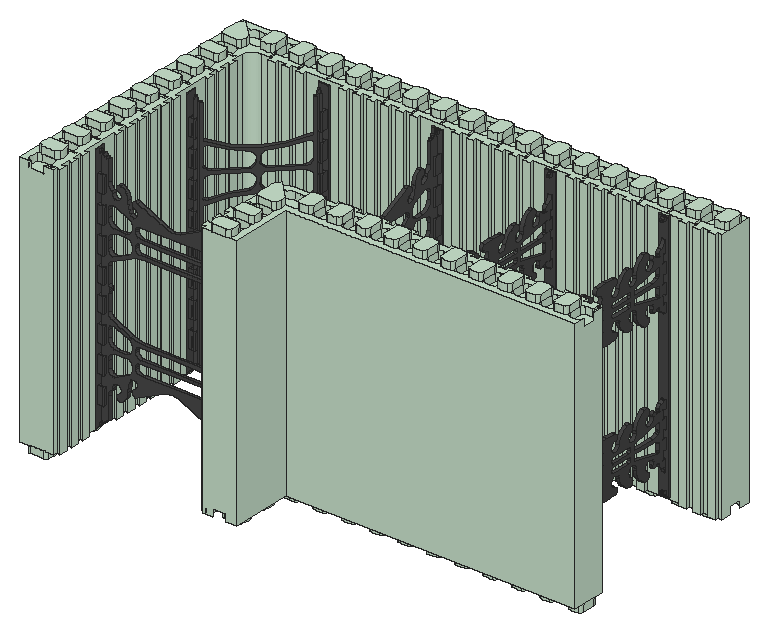
Revit family (continued)
Forms (in)
  Extrusion 50, void
    sketch origin (4, 2, 0) x (-1, 0, 0) y (0, -1, 0)
      loop
        arc (-1, -3.97692) -> (-1.04785, -3.82983) -> (-1.17308, -3.73905) r 0.25
        arc (-1.17308, -3.73905) -> (-1.42092, -3.69045) -> (-1.67323, -3.70172) r 1.0625
        arc (-1.67323, -3.70172) -> (-1.72385, -3.68771) -> (-1.74592, -3.64005) r 0.0625
        line (-1.74592, -3.64005) -> (-1.74592, -3.41845) -> (-1.91675, -3.41845) -> (-1.91675, -3.76455)
        arc (-1.91675, -3.76455) -> (-1.92106, -3.78736) -> (-1.9334, -3.80702) r 0.0625
        arc (-1.9334, -3.80702) -> (-1.98276, -3.88568) -> (-2, -3.97692) r 0.25
        line (-2, -3.97692) -> (-2, -4.89808)
        arc (-2, -4.89808) -> (-1.95215, -5.04517) -> (-1.82692, -5.13595) r 0.25
    from 0 to 0.5
  Extrusion 51, void
    sketch origin (6, 2, 0) x (-1, 0, 0) y (0, -1, 0)
      loop
        arc (-1.82692, -5.13595) -> (-1.5, -5.1875) -> (-1.17308, -5.13595) r 1.0625
        arc (-1.17308, -5.13595) -> (-1.04785, -5.04517) -> (-1, -4.89808) r 0.25
        line (-1, -4.89808) -> (-1, -3.97692)
        arc (-1, -3.97692) -> (-1.04785, -3.82983) -> (-1.17308, -3.73905) r 0.25
        arc (-1.17308, -3.73905) -> (-1.42092, -3.69045) -> (-1.67323, -3.70172) r 1.0625
        arc (-1.67323, -3.70172) -> (-1.72385, -3.68771) -> (-1.74592, -3.64005) r 0.0625
        line (-1.74592, -3.64005) -> (-1.74592, -3.41845) -> (-1.91675, -3.41845) -> (-1.91675, -3.76455)
        arc (-1.91675, -3.76455) -> (-1.92106, -3.78736) -> (-1.9334, -3.80702) r 0.0625
        arc (-1.9334, -3.80702) -> (-1.98276, -3.88568) -> (-2, -3.97692) r 0.25
        line (-2, -3.97692) -> (-2, -4.89808)
        arc (-2, -4.89808) -> (-1.95215, -5.04517) -> (-1.82692, -5.13595) r 0.25
    from 0 to 0.5
  Extrusion 52, void
    sketch origin (8, 2, 0) x (-1, 0, 0) y (0, -1, 0)
      loop
        arc (-1.82692, -5.13595) -> (-1.5, -5.1875) -> (-1.17308, -5.13595) r 1.0625
        arc (-1.17308, -5.13595) -> (-1.04785, -5.04517) -> (-1, -4.89808) r 0.25
        line (-1, -4.89808) -> (-1, -3.97692)
        arc (-1, -3.97692) -> (-1.04785, -3.82983) -> (-1.17308, -3.73905) r 0.25
        arc (-1.17308, -3.73905) -> (-1.42092, -3.69045) -> (-1.67323, -3.70172) r 1.0625
        arc (-1.67323, -3.70172) -> (-1.72385, -3.68771) -> (-1.74592, -3.64005) r 0.0625
        line (-1.74592, -3.64005) -> (-1.74592, -3.41845) -> (-1.91675, -3.41845) -> (-1.91675, -3.76455)
        arc (-1.91675, -3.76455) -> (-1.92106, -3.78736) -> (-1.9334, -3.80702) r 0.0625
        arc (-1.9334, -3.80702) -> (-1.98276, -3.88568) -> (-2, -3.97692) r 0.25
        line (-2, -3.97692) -> (-2, -4.89808)
        arc (-2, -4.89808) -> (-1.95215, -5.04517) -> (-1.82692, -5.13595) r 0.25
    from 0 to 0.5
  Extrusion 53, void
    sketch origin (10, 2, 0) x (-1, 0, 0) y (0, -1, 0)
      loop
        arc (-1.82692, -5.13595) -> (-1.5, -5.1875) -> (-1.17308, -5.13595) r 1.0625
        arc (-1.17308, -5.13595) -> (-1.04785, -5.04517) -> (-1, -4.89808) r 0.25
        line (-1, -4.89808) -> (-1, -3.97692)
        arc (-1, -3.97692) -> (-1.04785, -3.82983) -> (-1.17308, -3.73905) r 0.25
        arc (-1.17308, -3.73905) -> (-1.42092, -3.69045) -> (-1.67323, -3.70172) r 1.0625
        arc (-1.67323, -3.70172) -> (-1.72385, -3.68771) -> (-1.74592, -3.64005) r 0.0625
        line (-1.74592, -3.64005) -> (-1.74592, -3.41845) -> (-1.91675, -3.41845) -> (-1.91675, -3.76455)
        arc (-1.91675, -3.76455) -> (-1.92106, -3.78736) -> (-1.9334, -3.80702) r 0.0625
        arc (-1.9334, -3.80702) -> (-1.98276, -3.88568) -> (-2, -3.97692) r 0.25
        line (-2, -3.97692) -> (-2, -4.89808)
        arc (-2, -4.89808) -> (-1.95215, -5.04517) -> (-1.82692, -5.13595) r 0.25
    from 0 to 0.5
  Extrusion 54, void
    sketch origin (12, 2, 0) x (-1, 0, 0) y (0, -1, 0)
      loop
        arc (-1.82692, -5.13595) -> (-1.5, -5.1875) -> (-1.17308, -5.13595) r 1.0625
        arc (-1.17308, -5.13595) -> (-1.04785, -5.04517) -> (-1, -4.89808) r 0.25
        line (-1, -4.89808) -> (-1, -3.97692)
        arc (-1, -3.97692) -> (-1.04785, -3.82983) -> (-1.17308, -3.73905) r 0.25
        arc (-1.17308, -3.73905) -> (-1.42092, -3.69045) -> (-1.67323, -3.70172) r 1.0625
        arc (-1.67323, -3.70172) -> (-1.72385, -3.68771) -> (-1.74592, -3.64005) r 0.0625
        line (-1.74592, -3.64005) -> (-1.74592, -3.41845) -> (-1.91675, -3.41845) -> (-1.91675, -3.76455)
        arc (-1.91675, -3.76455) -> (-1.92106, -3.78736) -> (-1.9334, -3.80702) r 0.0625
        arc (-1.9334, -3.80702) -> (-1.98276, -3.88568) -> (-2, -3.97692) r 0.25
        line (-2, -3.97692) -> (-2, -4.89808)
        arc (-2, -4.89808) -> (-1.95215, -5.04517) -> (-1.82692, -5.13595) r 0.25
    from 0 to 0.5
  Extrusion 55, void
    sketch origin (14, 2, 0) x (-1, 0, 0) y (0, -1, 0)
      loop
        arc (-1.82692, -5.13595) -> (-1.5, -5.1875) -> (-1.17308, -5.13595) r 1.0625
        arc (-1.17308, -5.13595) -> (-1.04785, -5.04517) -> (-1, -4.89808) r 0.25
        line (-1, -4.89808) -> (-1, -3.97692)
        arc (-1, -3.97692) -> (-1.04785, -3.82983) -> (-1.17308, -3.73905) r 0.25
        arc (-1.17308, -3.73905) -> (-1.42092, -3.69045) -> (-1.67323, -3.70172) r 1.0625
        arc (-1.67323, -3.70172) -> (-1.72385, -3.68771) -> (-1.74592, -3.64005) r 0.0625
        line (-1.74592, -3.64005) -> (-1.74592, -3.41845) -> (-1.91675, -3.41845) -> (-1.91675, -3.76455)
        arc (-1.91675, -3.76455) -> (-1.92106, -3.78736) -> (-1.9334, -3.80702) r 0.0625
        arc (-1.9334, -3.80702) -> (-1.98276, -3.88568) -> (-2, -3.97692) r 0.25
        line (-2, -3.97692) -> (-2, -4.89808)
        arc (-2, -4.89808) -> (-1.95215, -5.04517) -> (-1.82692, -5.13595) r 0.25
    from 0 to 0.5
  Extrusion 56, void
    sketch origin (16, 2, 0) x (-1, 0, 0) y (0, -1, 0)
      loop
        arc (-1.82692, -5.13595) -> (-1.5, -5.1875) -> (-1.17308, -5.13595) r 1.0625
        arc (-1.17308, -5.13595) -> (-1.04785, -5.04517) -> (-1, -4.89808) r 0.25
        line (-1, -4.89808) -> (-1, -3.97692)
        arc (-1, -3.97692) -> (-1.04785, -3.82983) -> (-1.17308, -3.73905) r 0.25
        arc (-1.17308, -3.73905) -> (-1.42092, -3.69045) -> (-1.67323, -3.70172) r 1.0625
        arc (-1.67323, -3.70172) -> (-1.72385, -3.68771) -> (-1.74592, -3.64005) r 0.0625
        line (-1.74592, -3.64005) -> (-1.74592, -3.41845) -> (-1.91675, -3.41845) -> (-1.91675, -3.76455)
        arc (-1.91675, -3.76455) -> (-1.92106, -3.78736) -> (-1.9334, -3.80702) r 0.0625
        arc (-1.9334, -3.80702) -> (-1.98276, -3.88568) -> (-2, -3.97692) r 0.25
        line (-2, -3.97692) -> (-2, -4.89808)
        arc (-2, -4.89808) -> (-1.95215, -5.04517) -> (-1.82692, -5.13595) r 0.25
    from 0 to 0.5
  Extrusion 57, void
    sketch origin (18, 2, 0) x (-1, 0, 0) y (0, -1, 0)
      loop
        arc (-1.82692, -5.13595) -> (-1.5, -5.1875) -> (-1.17308, -5.13595) r 1.0625
        arc (-1.17308, -5.13595) -> (-1.04785, -5.04517) -> (-1, -4.89808) r 0.25
        line (-1, -4.89808) -> (-1, -3.97692)
        arc (-1, -3.97692) -> (-1.04785, -3.82983) -> (-1.17308, -3.73905) r 0.25
        arc (-1.17308, -3.73905) -> (-1.42092, -3.69045) -> (-1.67323, -3.70172) r 1.0625
        arc (-1.67323, -3.70172) -> (-1.72385, -3.68771) -> (-1.74592, -3.64005) r 0.0625
        line (-1.74592, -3.64005) -> (-1.74592, -3.41845) -> (-1.91675, -3.41845) -> (-1.91675, -3.76455)
        arc (-1.91675, -3.76455) -> (-1.92106, -3.78736) -> (-1.9334, -3.80702) r 0.0625
        arc (-1.9334, -3.80702) -> (-1.98276, -3.88568) -> (-2, -3.97692) r 0.25
        line (-2, -3.97692) -> (-2, -4.89808)
        arc (-2, -4.89808) -> (-1.95215, -5.04517) -> (-1.82692, -5.13595) r 0.25
    from 0 to 0.5
  Extrusion 58, void
    sketch origin (20, 2, 0) x (-1, 0, 0) y (0, -1, 0)
      loop
        arc (-1.82692, -5.13595) -> (-1.5, -5.1875) -> (-1.17308, -5.13595) r 1.0625
        arc (-1.17308, -5.13595) -> (-1.04785, -5.04517) -> (-1, -4.89808) r 0.25
        line (-1, -4.89808) -> (-1, -3.97692)
        arc (-1, -3.97692) -> (-1.04785, -3.82983) -> (-1.17308, -3.73905) r 0.25
        arc (-1.17308, -3.73905) -> (-1.42092, -3.69045) -> (-1.67323, -3.70172) r 1.0625
        arc (-1.67323, -3.70172) -> (-1.72385, -3.68771) -> (-1.74592, -3.64005) r 0.0625
        line (-1.74592, -3.64005) -> (-1.74592, -3.41845) -> (-1.91675, -3.41845) -> (-1.91675, -3.76455)
        arc (-1.91675, -3.76455) -> (-1.92106, -3.78736) -> (-1.9334, -3.80702) r 0.0625
        arc (-1.9334, -3.80702) -> (-1.98276, -3.88568) -> (-2, -3.97692) r 0.25
        line (-2, -3.97692) -> (-2, -4.89808)
        arc (-2, -4.89808) -> (-1.95215, -5.04517) -> (-1.82692, -5.13595) r 0.25
    from 0 to 0.5
  Extrusion 59, void
    sketch origin (22, 2, 0) x (-1, 0, 0) y (0, -1, 0)
      loop
        arc (-1.82692, -5.13595) -> (-1.5, -5.1875) -> (-1.17308, -5.13595) r 1.0625
        arc (-1.17308, -5.13595) -> (-1.04785, -5.04517) -> (-1, -4.89808) r 0.25
        line (-1, -4.89808) -> (-1, -3.97692)
        arc (-1, -3.97692) -> (-1.04785, -3.82983) -> (-1.17308, -3.73905) r 0.25
        arc (-1.17308, -3.73905) -> (-1.42092, -3.69045) -> (-1.67323, -3.70172) r 1.0625
        arc (-1.67323, -3.70172) -> (-1.72385, -3.68771) -> (-1.74592, -3.64005) r 0.0625
        line (-1.74592, -3.64005) -> (-1.74592, -3.41845) -> (-1.91675, -3.41845) -> (-1.91675, -3.76455)
        arc (-1.91675, -3.76455) -> (-1.92106, -3.78736) -> (-1.9334, -3.80702) r 0.0625
        arc (-1.9334, -3.80702) -> (-1.98276, -3.88568) -> (-2, -3.97692) r 0.25
        line (-2, -3.97692) -> (-2, -4.89808)
        arc (-2, -4.89808) -> (-1.95215, -5.04517) -> (-1.82692, -5.13595) r 0.25
    from 0 to 0.5
  Extrusion 60, void
    sketch origin (2, -20, 0) x (1, 0, 0) y (0, 1, 0)
      loop
        arc (3.97692, 9) -> (3.82983, 8.95215) -> (3.73905, 8.82692) r 0.25
        arc (3.73905, 8.82692) -> (3.69045, 8.57908) -> (3.70172, 8.32677) r 1.0625
        arc (3.70172, 8.32677) -> (3.68771, 8.27615) -> (3.64005, 8.25408) r 0.0625
        line (3.64005, 8.25408) -> (3.41845, 8.25408) -> (3.41845, 8.08325) -> (3.76455, 8.08325)
        arc (3.76455, 8.08325) -> (3.78736, 8.07894) -> (3.80702, 8.0666) r 0.0625
        arc (3.80702, 8.0666) -> (3.88568, 8.01724) -> (3.97692, 8) r 0.25
        line (3.97692, 8) -> (4.89808, 8)
        arc (4.89808, 8) -> (5.04517, 8.04785) -> (5.13595, 8.17308) r 0.25
        arc (5.13595, 8.17308) -> (5.1875, 8.5) -> (5.13595, 8.82692) r 1.0625
        arc (5.13595, 8.82692) -> (5.04517, 8.95215) -> (4.89808, 9) r 0.25
        line (4.89808, 9) -> (3.97692, 9)
    from 0 to 0.5
  Extrusion 61, void
    sketch origin (2, -18, 0) x (1, 0, 0) y (0, 1, 0)
      loop
        arc (3.97692, 9) -> (3.82983, 8.95215) -> (3.73905, 8.82692) r 0.25
        arc (3.73905, 8.82692) -> (3.69045, 8.57908) -> (3.70172, 8.32677) r 1.0625
        arc (3.70172, 8.32677) -> (3.68771, 8.27615) -> (3.64005, 8.25408) r 0.0625
        line (3.64005, 8.25408) -> (3.41845, 8.25408) -> (3.41845, 8.08325) -> (3.76455, 8.08325)
        arc (3.76455, 8.08325) -> (3.78736, 8.07894) -> (3.80702, 8.0666) r 0.0625
        arc (3.80702, 8.0666) -> (3.88568, 8.01724) -> (3.97692, 8) r 0.25
        line (3.97692, 8) -> (4.89808, 8)
        arc (4.89808, 8) -> (5.04517, 8.04785) -> (5.13595, 8.17308) r 0.25
        arc (5.13595, 8.17308) -> (5.1875, 8.5) -> (5.13595, 8.82692) r 1.0625
        arc (5.13595, 8.82692) -> (5.04517, 8.95215) -> (4.89808, 9) r 0.25
        line (4.89808, 9) -> (3.97692, 9)
    from 0 to 0.5
  Extrusion 62, void
    sketch origin (2, -2, 0) x (0, -1, 0) y (1, 0, 0)
      loop
        line (4.6875, 3.6875) -> (5.5, 3.6875)
        arc (5.5, 3.6875) -> (5.58691, 3.69106) -> (5.67323, 3.70172) r 1.0625
        arc (5.67323, 3.70172) -> (5.72385, 3.68771) -> (5.74592, 3.64005) r 0.0625
        line (5.74592, 3.64005) -> (5.74592, 3.41845) -> (5.91675, 3.41845) -> (5.91675, 3.76455)
        arc (5.91675, 3.76455) -> (5.92106, 3.78736) -> (5.9334, 3.80702) r 0.0625
        arc (5.9334, 3.80702) -> (5.98276, 3.88568) -> (6, 3.97692) r 0.25
        line (6, 3.97692) -> (6, 4.89808)
        arc (6, 4.89808) -> (5.95215, 5.04517) -> (5.82692, 5.13595) r 0.25
        arc (5.82692, 5.13595) -> (5.66548, 5.17453) -> (5.5, 5.1875) r 1.0625
        line (5.5, 5.1875) -> (5.1875, 5.1875) -> (3.98039, 3.98039)
        arc (3.98039, 3.98039) -> (4.30482, 3.76362) -> (4.6875, 3.6875) r 1
    from 0 to 0.5
  Extrusion 63, void
    sketch origin (16, -2, 0) x (-1, 0, 0) y (0, -1, 0)
      loop
        arc (7, 3.97692) -> (7.04785, 3.82983) -> (7.17308, 3.73905) r 0.25
        arc (7.17308, 3.73905) -> (7.42092, 3.69045) -> (7.67323, 3.70172) r 1.0625
        arc (7.67323, 3.70172) -> (7.72385, 3.68771) -> (7.74592, 3.64005) r 0.0625
        line (7.74592, 3.64005) -> (7.74592, 3.41845) -> (7.91675, 3.41845) -> (7.91675, 3.76455)
        arc (7.91675, 3.76455) -> (7.92106, 3.78736) -> (7.9334, 3.80702) r 0.0625
        arc (7.9334, 3.80702) -> (7.98276, 3.88568) -> (8, 3.97692) r 0.25
        line (8, 3.97692) -> (8, 4.89808)
        arc (8, 4.89808) -> (7.95215, 5.04517) -> (7.82692, 5.13595) r 0.25
        arc (7.82692, 5.13595) -> (7.5, 5.1875) -> (7.17308, 5.13595) r 1.0625
        arc (7.17308, 5.13595) -> (7.04785, 5.04517) -> (7, 4.89808) r 0.25
        line (7, 4.89808) -> (7, 3.97692)
    from 0 to 0.5
  Extrusion 64, void
    sketch origin (18, -2, 0) x (-1, 0, 0) y (0, -1, 0)
      loop
        arc (7, 3.97692) -> (7.04785, 3.82983) -> (7.17308, 3.73905) r 0.25
        arc (7.17308, 3.73905) -> (7.42092, 3.69045) -> (7.67323, 3.70172) r 1.0625
        arc (7.67323, 3.70172) -> (7.72385, 3.68771) -> (7.74592, 3.64005) r 0.0625
        line (7.74592, 3.64005) -> (7.74592, 3.41845) -> (7.91675, 3.41845) -> (7.91675, 3.76455)
        arc (7.91675, 3.76455) -> (7.92106, 3.78736) -> (7.9334, 3.80702) r 0.0625
        arc (7.9334, 3.80702) -> (7.98276, 3.88568) -> (8, 3.97692) r 0.25
        line (8, 3.97692) -> (8, 4.89808)
        arc (8, 4.89808) -> (7.95215, 5.04517) -> (7.82692, 5.13595) r 0.25
        arc (7.82692, 5.13595) -> (7.5, 5.1875) -> (7.17308, 5.13595) r 1.0625
        arc (7.17308, 5.13595) -> (7.04785, 5.04517) -> (7, 4.89808) r 0.25
        line (7, 4.89808) -> (7, 3.97692)
    from 0 to 0.5
  Extrusion 65, void
    sketch origin (20, -2, 0) x (-1, 0, 0) y (0, -1, 0)
      loop
        arc (7, 3.97692) -> (7.04785, 3.82983) -> (7.17308, 3.73905) r 0.25
        arc (7.17308, 3.73905) -> (7.42092, 3.69045) -> (7.67323, 3.70172) r 1.0625
        arc (7.67323, 3.70172) -> (7.72385, 3.68771) -> (7.74592, 3.64005) r 0.0625
        line (7.74592, 3.64005) -> (7.74592, 3.41845) -> (7.91675, 3.41845) -> (7.91675, 3.76455)
        arc (7.91675, 3.76455) -> (7.92106, 3.78736) -> (7.9334, 3.80702) r 0.0625
        arc (7.9334, 3.80702) -> (7.98276, 3.88568) -> (8, 3.97692) r 0.25
        line (8, 3.97692) -> (8, 4.89808)
        arc (8, 4.89808) -> (7.95215, 5.04517) -> (7.82692, 5.13595) r 0.25
        arc (7.82692, 5.13595) -> (7.5, 5.1875) -> (7.17308, 5.13595) r 1.0625
        arc (7.17308, 5.13595) -> (7.04785, 5.04517) -> (7, 4.89808) r 0.25
        line (7, 4.89808) -> (7, 3.97692)
    from 0 to 0.5
  Extrusion 66, void
    sketch origin (22, -2, 0) x (-1, 0, 0) y (0, -1, 0)
      loop
        arc (7, 3.97692) -> (7.04785, 3.82983) -> (7.17308, 3.73905) r 0.25
        arc (7.17308, 3.73905) -> (7.42092, 3.69045) -> (7.67323, 3.70172) r 1.0625
        arc (7.67323, 3.70172) -> (7.72385, 3.68771) -> (7.74592, 3.64005) r 0.0625
        line (7.74592, 3.64005) -> (7.74592, 3.41845) -> (7.91675, 3.41845) -> (7.91675, 3.76455)
        arc (7.91675, 3.76455) -> (7.92106, 3.78736) -> (7.9334, 3.80702) r 0.0625
        arc (7.9334, 3.80702) -> (7.98276, 3.88568) -> (8, 3.97692) r 0.25
        line (8, 3.97692) -> (8, 4.89808)
        arc (8, 4.89808) -> (7.95215, 5.04517) -> (7.82692, 5.13595) r 0.25
        arc (7.82692, 5.13595) -> (7.5, 5.1875) -> (7.17308, 5.13595) r 1.0625
        arc (7.17308, 5.13595) -> (7.04785, 5.04517) -> (7, 4.89808) r 0.25
        line (7, 4.89808) -> (7, 3.97692)
    from 0 to 0.5
  Extrusion 67, void
    sketch origin (24, -2, 0) x (-1, 0, 0) y (0, -1, 0)
      loop
        arc (7, 3.97692) -> (7.04785, 3.82983) -> (7.17308, 3.73905) r 0.25
        arc (7.17308, 3.73905) -> (7.42092, 3.69045) -> (7.67323, 3.70172) r 1.0625
        arc (7.67323, 3.70172) -> (7.72385, 3.68771) -> (7.74592, 3.64005) r 0.0625
        line (7.74592, 3.64005) -> (7.74592, 3.41845) -> (7.91675, 3.41845) -> (7.91675, 3.76455)
        arc (7.91675, 3.76455) -> (7.92106, 3.78736) -> (7.9334, 3.80702) r 0.0625
        arc (7.9334, 3.80702) -> (7.98276, 3.88568) -> (8, 3.97692) r 0.25
        line (8, 3.97692) -> (8, 4.89808)
        arc (8, 4.89808) -> (7.95215, 5.04517) -> (7.82692, 5.13595) r 0.25
        arc (7.82692, 5.13595) -> (7.5, 5.1875) -> (7.17308, 5.13595) r 1.0625
        arc (7.17308, 5.13595) -> (7.04785, 5.04517) -> (7, 4.89808) r 0.25
        line (7, 4.89808) -> (7, 3.97692)
    from 0 to 0.5
  Extrusion 68, void
    sketch origin (26, -2, 0) x (-1, 0, 0) y (0, -1, 0)
      loop
        arc (7, 3.97692) -> (7.04785, 3.82983) -> (7.17308, 3.73905) r 0.25
        arc (7.17308, 3.73905) -> (7.42092, 3.69045) -> (7.67323, 3.70172) r 1.0625
        arc (7.67323, 3.70172) -> (7.72385, 3.68771) -> (7.74592, 3.64005) r 0.0625
        line (7.74592, 3.64005) -> (7.74592, 3.41845) -> (7.91675, 3.41845) -> (7.91675, 3.76455)
        arc (7.91675, 3.76455) -> (7.92106, 3.78736) -> (7.9334, 3.80702) r 0.0625
        arc (7.9334, 3.80702) -> (7.98276, 3.88568) -> (8, 3.97692) r 0.25
        line (8, 3.97692) -> (8, 4.89808)
        arc (8, 4.89808) -> (7.95215, 5.04517) -> (7.82692, 5.13595) r 0.25
        arc (7.82692, 5.13595) -> (7.5, 5.1875) -> (7.17308, 5.13595) r 1.0625
        arc (7.17308, 5.13595) -> (7.04785, 5.04517) -> (7, 4.89808) r 0.25
        line (7, 4.89808) -> (7, 3.97692)
    from 0 to 0.5
  Extrusion 69, void
    sketch origin (28, -2, 0) x (-1, 0, 0) y (0, -1, 0)
      loop
        arc (7, 3.97692) -> (7.04785, 3.82983) -> (7.17308, 3.73905) r 0.25
        arc (7.17308, 3.73905) -> (7.42092, 3.69045) -> (7.67323, 3.70172) r 1.0625
        arc (7.67323, 3.70172) -> (7.72385, 3.68771) -> (7.74592, 3.64005) r 0.0625
        line (7.74592, 3.64005) -> (7.74592, 3.41845) -> (7.91675, 3.41845) -> (7.91675, 3.76455)
        arc (7.91675, 3.76455) -> (7.92106, 3.78736) -> (7.9334, 3.80702) r 0.0625
        arc (7.9334, 3.80702) -> (7.98276, 3.88568) -> (8, 3.97692) r 0.25
        line (8, 3.97692) -> (8, 4.89808)
        arc (8, 4.89808) -> (7.95215, 5.04517) -> (7.82692, 5.13595) r 0.25
        arc (7.82692, 5.13595) -> (7.5, 5.1875) -> (7.17308, 5.13595) r 1.0625
        arc (7.17308, 5.13595) -> (7.04785, 5.04517) -> (7, 4.89808) r 0.25
        line (7, 4.89808) -> (7, 3.97692)
    from 0 to 0.5
  Extrusion 70, void
    sketch origin (30, -2, 0) x (-1, 0, 0) y (0, -1, 0)
      loop
        arc (7, 3.97692) -> (7.04785, 3.82983) -> (7.17308, 3.73905) r 0.25
        arc (7.17308, 3.73905) -> (7.42092, 3.69045) -> (7.67323, 3.70172) r 1.0625
        arc (7.67323, 3.70172) -> (7.72385, 3.68771) -> (7.74592, 3.64005) r 0.0625
        line (7.74592, 3.64005) -> (7.74592, 3.41845) -> (7.91675, 3.41845) -> (7.91675, 3.76455)
        arc (7.91675, 3.76455) -> (7.92106, 3.78736) -> (7.9334, 3.80702) r 0.0625
        arc (7.9334, 3.80702) -> (7.98276, 3.88568) -> (8, 3.97692) r 0.25
        line (8, 3.97692) -> (8, 4.89808)
        arc (8, 4.89808) -> (7.95215, 5.04517) -> (7.82692, 5.13595) r 0.25
        arc (7.82692, 5.13595) -> (7.5, 5.1875) -> (7.17308, 5.13595) r 1.0625
        arc (7.17308, 5.13595) -> (7.04785, 5.04517) -> (7, 4.89808) r 0.25
        line (7, 4.89808) -> (7, 3.97692)
    from 0 to 0.5
  Extrusion 71, void
    sketch origin (32, -2, 0) x (-1, 0, 0) y (0, -1, 0)
      loop
        arc (7, 3.97692) -> (7.04785, 3.82983) -> (7.17308, 3.73905) r 0.25
        arc (7.17308, 3.73905) -> (7.42092, 3.69045) -> (7.67323, 3.70172) r 1.0625
        arc (7.67323, 3.70172) -> (7.72385, 3.68771) -> (7.74592, 3.64005) r 0.0625
        line (7.74592, 3.64005) -> (7.74592, 3.41845) -> (7.91675, 3.41845) -> (7.91675, 3.76455)
        arc (7.91675, 3.76455) -> (7.92106, 3.78736) -> (7.9334, 3.80702) r 0.0625
        arc (7.9334, 3.80702) -> (7.98276, 3.88568) -> (8, 3.97692) r 0.25
        line (8, 3.97692) -> (8, 4.89808)
        arc (8, 4.89808) -> (7.95215, 5.04517) -> (7.82692, 5.13595) r 0.25
        arc (7.82692, 5.13595) -> (7.5, 5.1875) -> (7.17308, 5.13595) r 1.0625
        arc (7.17308, 5.13595) -> (7.04785, 5.04517) -> (7, 4.89808) r 0.25
        line (7, 4.89808) -> (7, 3.97692)
    from 0 to 0.5
  Extrusion 72, void
    sketch origin (34, -2, 0) x (-1, 0, 0) y (0, -1, 0)
      loop
        arc (7, 3.97692) -> (7.04785, 3.82983) -> (7.17308, 3.73905) r 0.25
        arc (7.17308, 3.73905) -> (7.42092, 3.69045) -> (7.67323, 3.70172) r 1.0625
        arc (7.67323, 3.70172) -> (7.72385, 3.68771) -> (7.74592, 3.64005) r 0.0625
        line (7.74592, 3.64005) -> (7.74592, 3.41845) -> (7.91675, 3.41845) -> (7.91675, 3.76455)
        arc (7.91675, 3.76455) -> (7.92106, 3.78736) -> (7.9334, 3.80702) r 0.0625
        arc (7.9334, 3.80702) -> (7.98276, 3.88568) -> (8, 3.97692) r 0.25
        line (8, 3.97692) -> (8, 4.89808)
        arc (8, 4.89808) -> (7.95215, 5.04517) -> (7.82692, 5.13595) r 0.25
        arc (7.82692, 5.13595) -> (7.5, 5.1875) -> (7.17308, 5.13595) r 1.0625
        arc (7.17308, 5.13595) -> (7.04785, 5.04517) -> (7, 4.89808) r 0.25
        line (7, 4.89808) -> (7, 3.97692)
    from 0 to 0.5
  Extrusion 73, void
    sketch origin (-2, 2, 0) x (1, 0, 0) y (0, 1, 0)
      loop
        line (-3.6875, 3.6875) -> (-4.89461, 4.89461)
        arc (-4.89461, 4.89461) -> (-5.11138, 4.57018) -> (-5.1875, 4.1875) r 1
        line (-5.1875, 4.1875) -> (-5.1875, 3.5)
        arc (-5.1875, 3.5) -> (-5.17453, 3.33452) -> (-5.13595, 3.17308) r 1.0625
        arc (-5.13595, 3.17308) -> (-5.04517, 3.04785) -> (-4.89808, 3) r 0.25
        line (-4.89808, 3) -> (-3.97692, 3)
        arc (-3.97692, 3) -> (-3.82983, 3.04785) -> (-3.73905, 3.17308) r 0.25
        arc (-3.73905, 3.17308) -> (-3.70047, 3.33452) -> (-3.6875, 3.5) r 1.0625
        line (-3.6875, 3.5) -> (-3.6875, 3.6875)
    from 0 to 0.5
  Extrusion 74, solid, material "NUDURA Expanded Polystyrene Foam Insulation"
    sketch origin (2, -2, 0) x (1, 0, 0) y (0, 1, 0)
      loop
        line (5.1875, -5.1875) -> (5.5, -5.1875)
        arc (5.5, -5.1875) -> (5.66548, -5.17453) -> (5.82692, -5.13595) r 1.0625
        arc (5.82692, -5.13595) -> (5.95215, -5.04517) -> (6, -4.89808) r 0.25
        line (6, -4.89808) -> (6, -3.97692)
        arc (6, -3.97692) -> (5.98276, -3.88568) -> (5.9334, -3.80702) r 0.25
        arc (5.9334, -3.80702) -> (5.88453, -3.7662) -> (5.82692, -3.73905) r 0.25
        arc (5.82692, -3.73905) -> (5.75077, -3.71752) -> (5.67323, -3.70172) r 1.0625
        arc (5.67323, -3.70172) -> (5.58691, -3.69106) -> (5.5, -3.6875) r 1.0625
        line (5.5, -3.6875) -> (4.6875, -3.6875)
        arc (4.6875, -3.6875) -> (4.30482, -3.76362) -> (3.98039, -3.98039) r 1
        line (3.98039, -3.98039) -> (5.1875, -5.1875)
    from 0 to -0.5
  Extrusion 75, solid, material "NUDURA Expanded Polystyrene Foam Insulation"
    sketch origin (-2, 2, 0) x (1, 0, 0) y (0, 1, 0)
      loop
        arc (-4.1875, 5.1875) -> (-4.57018, 5.11138) -> (-4.89461, 4.89461) r 1
        line (-4.89461, 4.89461) -> (-3.6875, 3.6875) -> (-3.5, 3.6875)
        arc (-3.5, 3.6875) -> (-3.33452, 3.70047) -> (-3.17308, 3.73905) r 1.0625
        arc (-3.17308, 3.73905) -> (-3.04785, 3.82983) -> (-3, 3.97692) r 0.25
        line (-3, 3.97692) -> (-3, 4.89808)
        arc (-3, 4.89808) -> (-3.04785, 5.04517) -> (-3.17308, 5.13595) r 0.25
        arc (-3.17308, 5.13595) -> (-3.33452, 5.17453) -> (-3.5, 5.1875) r 1.0625
        line (-3.5, 5.1875) -> (-4.1875, 5.1875)
    from 0 to -0.5
  Extrusion 76, void
    sketch origin (-2, 0, 0) x (1, 0, 0) y (0, 1, 0)
      loop
        arc (-5.13595, -9.82692) -> (-5.04517, -9.95215) -> (-4.89808, -10) r 0.25
        line (-4.89808, -10) -> (-3.97692, -10)
        arc (-3.97692, -10) -> (-3.88568, -9.98276) -> (-3.80702, -9.9334) r 0.25
        arc (-3.80702, -9.9334) -> (-3.78736, -9.92106) -> (-3.76455, -9.91675) r 0.0625
        line (-3.76455, -9.91675) -> (-3.41845, -9.91675) -> (-3.41845, -9.74592) -> (-3.64005, -9.74592)
        arc (-3.64005, -9.74592) -> (-3.68771, -9.72385) -> (-3.70172, -9.67323) r 0.0625
        arc (-3.70172, -9.67323) -> (-3.69045, -9.42092) -> (-3.73905, -9.17308) r 1.0625
        arc (-3.73905, -9.17308) -> (-3.82983, -9.04785) -> (-3.97692, -9) r 0.25
        line (-3.97692, -9) -> (-4.89808, -9)
        arc (-4.89808, -9) -> (-5.04517, -9.04785) -> (-5.13595, -9.17308) r 0.25
        arc (-5.13595, -9.17308) -> (-5.1875, -9.5) -> (-5.13595, -9.82692) r 1.0625
    from 18 to 17.5
  Extrusion 77, void
    sketch origin (26, 2, 0) x (1, 0, 0) y (0, 1, 0)
      loop
        arc (-1.82692, 5.13595) -> (-1.95215, 5.04517) -> (-2, 4.89808) r 0.25
        line (-2, 4.89808) -> (-2, 3.97692)
        arc (-2, 3.97692) -> (-1.98276, 3.88568) -> (-1.9334, 3.80702) r 0.25
        arc (-1.9334, 3.80702) -> (-1.92106, 3.78736) -> (-1.91675, 3.76455) r 0.0625
        line (-1.91675, 3.76455) -> (-1.91675, 3.41845) -> (-1.74592, 3.41845) -> (-1.74592, 3.64005)
        arc (-1.74592, 3.64005) -> (-1.72385, 3.68771) -> (-1.67323, 3.70172) r 0.0625
        arc (-1.67323, 3.70172) -> (-1.42092, 3.69045) -> (-1.17308, 3.73905) r 1.0625
        arc (-1.17308, 3.73905) -> (-1.04785, 3.82983) -> (-1, 3.97692) r 0.25
        line (-1, 3.97692) -> (-1, 4.89808)
        arc (-1, 4.89808) -> (-1.04785, 5.04517) -> (-1.17308, 5.13595) r 0.25
        arc (-1.17308, 5.13595) -> (-1.5, 5.1875) -> (-1.82692, 5.13595) r 1.0625
    from 18 to 17.5
  Extrusion 78, void
    sketch origin (24, 2, 0) x (-1, 0, 0) y (0, -1, 0)
      loop
        arc (-1.82692, -5.13595) -> (-1.5, -5.1875) -> (-1.17308, -5.13595) r 1.0625
        arc (-1.17308, -5.13595) -> (-1.04785, -5.04517) -> (-1, -4.89808) r 0.25
        line (-1, -4.89808) -> (-1, -3.97692)
        arc (-1, -3.97692) -> (-1.04785, -3.82983) -> (-1.17308, -3.73905) r 0.25
        arc (-1.17308, -3.73905) -> (-1.42092, -3.69045) -> (-1.67323, -3.70172) r 1.0625
        arc (-1.67323, -3.70172) -> (-1.72385, -3.68771) -> (-1.74592, -3.64005) r 0.0625
        line (-1.74592, -3.64005) -> (-1.74592, -3.41845) -> (-1.91675, -3.41845) -> (-1.91675, -3.76455)
        arc (-1.91675, -3.76455) -> (-1.92106, -3.78736) -> (-1.9334, -3.80702) r 0.0625
        arc (-1.9334, -3.80702) -> (-1.98276, -3.88568) -> (-2, -3.97692) r 0.25
        line (-2, -3.97692) -> (-2, -4.89808)
        arc (-2, -4.89808) -> (-1.95215, -5.04517) -> (-1.82692, -5.13595) r 0.25
    from 0 to 0.5
  Extrusion 79, void
    sketch origin (-2, 3.40791, 0) x (1, 0, 0) y (0, 1, 0)
      loop
        arc (-5.13595, -11.58099) -> (-5.1875, -11.90791) -> (-5.13595, -12.23483) r 1.0625
        arc (-5.13595, -12.23483) -> (-5.04517, -12.36006) -> (-4.89808, -12.40791) r 0.25
        line (-4.89808, -12.40791) -> (-3.97692, -12.40791)
        arc (-3.97692, -12.40791) -> (-3.82983, -12.36006) -> (-3.73905, -12.23483) r 0.25
        arc (-3.73905, -12.23483) -> (-3.69045, -11.98699) -> (-3.70172, -11.73468) r 1.0625
        arc (-3.70172, -11.73468) -> (-3.68771, -11.68406) -> (-3.64005, -11.66199) r 0.0625
        line (-3.64005, -11.66199) -> (-3.41845, -11.66199) -> (-3.41845, -11.49116) -> (-3.76455, -11.49116)
        arc (-3.76455, -11.49116) -> (-3.78736, -11.48685) -> (-3.80702, -11.47451) r 0.0625
        arc (-3.80702, -11.47451) -> (-3.88568, -11.42516) -> (-3.97692, -11.40791) r 0.25
        line (-3.97692, -11.40791) -> (-4.89808, -11.40791)
        arc (-4.89808, -11.40791) -> (-5.04517, -11.45576) -> (-5.13595, -11.58099) r 0.25
    from 0 to 0.5
  Extrusion 80, void
    sketch origin (-2, -2, 0) x (1, 0, 0) y (0, 1, 0)
      loop
        arc (-5.13595, -9.82692) -> (-5.04517, -9.95215) -> (-4.89808, -10) r 0.25
        line (-4.89808, -10) -> (-3.97692, -10)
        arc (-3.97692, -10) -> (-3.88568, -9.98276) -> (-3.80702, -9.9334) r 0.25
        arc (-3.80702, -9.9334) -> (-3.78736, -9.92106) -> (-3.76455, -9.91675) r 0.0625
        line (-3.76455, -9.91675) -> (-3.41845, -9.91675) -> (-3.41845, -9.74592) -> (-3.64005, -9.74592)
        arc (-3.64005, -9.74592) -> (-3.68771, -9.72385) -> (-3.70172, -9.67323) r 0.0625
        arc (-3.70172, -9.67323) -> (-3.69045, -9.42092) -> (-3.73905, -9.17308) r 1.0625
        arc (-3.73905, -9.17308) -> (-3.82983, -9.04785) -> (-3.97692, -9) r 0.25
        line (-3.97692, -9) -> (-4.89808, -9)
        arc (-4.89808, -9) -> (-5.04517, -9.04785) -> (-5.13595, -9.17308) r 0.25
        arc (-5.13595, -9.17308) -> (-5.1875, -9.5) -> (-5.13595, -9.82692) r 1.0625
    from 18 to 17.5
  Extrusion 81, void
    sketch origin (-2, 1.40791, 0) x (1, 0, 0) y (0, 1, 0)
      loop
        arc (-5.13595, -11.58099) -> (-5.1875, -11.90791) -> (-5.13595, -12.23483) r 1.0625
        arc (-5.13595, -12.23483) -> (-5.04517, -12.36006) -> (-4.89808, -12.40791) r 0.25
        line (-4.89808, -12.40791) -> (-3.97692, -12.40791)
        arc (-3.97692, -12.40791) -> (-3.82983, -12.36006) -> (-3.73905, -12.23483) r 0.25
        arc (-3.73905, -12.23483) -> (-3.69045, -11.98699) -> (-3.70172, -11.73468) r 1.0625
        arc (-3.70172, -11.73468) -> (-3.68771, -11.68406) -> (-3.64005, -11.66199) r 0.0625
        line (-3.64005, -11.66199) -> (-3.41845, -11.66199) -> (-3.41845, -11.49116) -> (-3.76455, -11.49116)
        arc (-3.76455, -11.49116) -> (-3.78736, -11.48685) -> (-3.80702, -11.47451) r 0.0625
        arc (-3.80702, -11.47451) -> (-3.88568, -11.42516) -> (-3.97692, -11.40791) r 0.25
        line (-3.97692, -11.40791) -> (-4.89808, -11.40791)
        arc (-4.89808, -11.40791) -> (-5.04517, -11.45576) -> (-5.13595, -11.58099) r 0.25
    from 0 to 0.5
  Extrusion 82, void
    sketch origin (28, 2, 0) x (1, 0, 0) y (0, 1, 0)
      loop
        arc (-1.82692, 5.13595) -> (-1.95215, 5.04517) -> (-2, 4.89808) r 0.25
        line (-2, 4.89808) -> (-2, 3.97692)
        arc (-2, 3.97692) -> (-1.98276, 3.88568) -> (-1.9334, 3.80702) r 0.25
        arc (-1.9334, 3.80702) -> (-1.92106, 3.78736) -> (-1.91675, 3.76455) r 0.0625
        line (-1.91675, 3.76455) -> (-1.91675, 3.41845) -> (-1.74592, 3.41845) -> (-1.74592, 3.64005)
        arc (-1.74592, 3.64005) -> (-1.72385, 3.68771) -> (-1.67323, 3.70172) r 0.0625
        arc (-1.67323, 3.70172) -> (-1.42092, 3.69045) -> (-1.17308, 3.73905) r 1.0625
        arc (-1.17308, 3.73905) -> (-1.04785, 3.82983) -> (-1, 3.97692) r 0.25
        line (-1, 3.97692) -> (-1, 4.89808)
        arc (-1, 4.89808) -> (-1.04785, 5.04517) -> (-1.17308, 5.13595) r 0.25
        arc (-1.17308, 5.13595) -> (-1.5, 5.1875) -> (-1.82692, 5.13595) r 1.0625
    from 18 to 17.5
  Extrusion 83, void
    sketch origin (26, 2, 0) x (-1, 0, 0) y (0, -1, 0)
      loop
        arc (-1.82692, -5.13595) -> (-1.5, -5.1875) -> (-1.17308, -5.13595) r 1.0625
        arc (-1.17308, -5.13595) -> (-1.04785, -5.04517) -> (-1, -4.89808) r 0.25
        line (-1, -4.89808) -> (-1, -3.97692)
        arc (-1, -3.97692) -> (-1.04785, -3.82983) -> (-1.17308, -3.73905) r 0.25
        arc (-1.17308, -3.73905) -> (-1.42092, -3.69045) -> (-1.67323, -3.70172) r 1.0625
        arc (-1.67323, -3.70172) -> (-1.72385, -3.68771) -> (-1.74592, -3.64005) r 0.0625
        line (-1.74592, -3.64005) -> (-1.74592, -3.41845) -> (-1.91675, -3.41845) -> (-1.91675, -3.76455)
        arc (-1.91675, -3.76455) -> (-1.92106, -3.78736) -> (-1.9334, -3.80702) r 0.0625
        arc (-1.9334, -3.80702) -> (-1.98276, -3.88568) -> (-2, -3.97692) r 0.25
        line (-2, -3.97692) -> (-2, -4.89808)
        arc (-2, -4.89808) -> (-1.95215, -5.04517) -> (-1.82692, -5.13595) r 0.25
    from 0 to 0.5
Cuts and joins
  Extrusion 4, Extrusion 5, Extrusion 6, Extrusion 7, Extrusion 8, Extrusion 9, Extrusion 10, Extrusion 11, Extrusion 12, Extrusion 13, Extrusion 14, Extrusion 15, Extrusion 16, Extrusion 17, Extrusion 18, Extrusion 19, Extrusion 20, Extrusion 21, Extrusion 22, Extrusion 23, Extrusion 24, Extrusion 25, Extrusion 26, Extrusion 27, Extrusion 28, Extrusion 29, Extrusion 30, Extrusion 31, Extrusion 32, Extrusion 33, Extrusion 34, Extrusion 35, Extrusion 36, Extrusion 37, Extrusion 38, Extrusion 39, Extrusion 40, Extrusion 41, Extrusion 42, Extrusion 43, Extrusion 44, Extrusion 45, Extrusion 46, Extrusion 47, Extrusion 48, Extrusion 49, Extrusion 50, Extrusion 51, Extrusion 52, Extrusion 53, Extrusion 54, Extrusion 55, Extrusion 56, Extrusion 57, Extrusion 58, Extrusion 59, Extrusion 60, Extrusion 61, Extrusion 62, Extrusion 63, Extrusion 64, Extrusion 65, Extrusion 66, Extrusion 67, Extrusion 68, Extrusion 69, Extrusion 70, Extrusion 71, Extrusion 72, Extrusion 73, Extrusion 76, Extrusion 77, Extrusion 78, Extrusion 79, Extrusion 80, Extrusion 81, Extrusion 82, Extrusion 83 cuts Extrusion 1
  Extrusion 10, Extrusion 13 cuts Extrusion 3
  Extrusion 14 cuts Extrusion 2
Lines and regions (in)
  model lines
    curve 1: line (20.00256, 7.625, 18) -> (20.00256, 7.625, 0)
    curve 2: line (4, 7.625, 18) -> (4, 7.625, 0)
    curve 3: line (-7.625, 4, 18) -> (-7.625, 4, 0)
    curve 4: line (-6, 7.625, 0) -> (-6, 7.625, 18)
    curve 5: line (-7.625, 6, 18) -> (-7.625, 6, 0)
Dimensions and locks (in)
  locked: plane 4 to plane 5 at 10
  locked: plane 7 to plane 6 at 10
  locked: level to plane 10 at 18
  aligned and locked: plane 10 to Extrusion 1
  aligned and locked: nested 75 to cut or joined group 1 (Extrusion 1, Extrusion 4, Extrusion 5, Extrusion 6, Extrusion 7, Extrusion 8, Extrusion 9, Extrusion 10, Extrusion 11, Extrusion 12, Extrusion 13, Extrusion 14, Extrusion 15, Extrusion 16, Extrusion 17, Extrusion 18, Extrusion 19, Extrusion 20, Extrusion 21, Extrusion 22, Extrusion 23, Extrusion 24, Extrusion 25, Extrusion 26, Extrusion 27, Extrusion 28, Extrusion 29, Extrusion 30, Extrusion 31, Extrusion 32, Extrusion 33, Extrusion 34, Extrusion 35, Extrusion 36, Extrusion 37, Extrusion 38, Extrusion 39, Extrusion 40, Extrusion 41, Extrusion 42, Extrusion 43, Extrusion 44, Extrusion 45, Extrusion 46, Extrusion 47, Extrusion 48, Extrusion 49, Extrusion 50, Extrusion 51, Extrusion 52, Extrusion 53, Extrusion 54, Extrusion 55, Extrusion 56, Extrusion 57, Extrusion 58, Extrusion 59, Extrusion 60, Extrusion 61, Extrusion 62, Extrusion 63, Extrusion 64, Extrusion 65, Extrusion 66, Extrusion 67, Extrusion 68, Extrusion 69, Extrusion 70, Extrusion 71, Extrusion 72, Extrusion 73, Extrusion 76, Extrusion 77, Extrusion 78, Extrusion 79, Extrusion 80, Extrusion 81, Extrusion 82, Extrusion 83)
  aligned and locked: nested 81 to nested 75
  aligned and locked: cut or joined group 1 to nested 82
  aligned: nested 70 to cut or joined group 1
  aligned and locked: cut or joined group 1 to nested 90
  aligned and locked: nested 88 to cut or joined group 1
Nested families (in)
  nested 1: "Interlock Tooth" at (-2, -6, 0) x (0, -1, 0) z (0, 0, 1), type "Interlock Tooth"
  nested 2: "Interlock Tooth" at (-2, -4, 0) x (0, -1, 0) z (0, 0, 1), type "Interlock Tooth"
  nested 3: "Interlock Tooth" at (-2, -2, 0) x (0, -1, 0) z (0, 0, 1), type "Interlock Tooth"
  nested 4: "Interlock Tooth" at (-2, 0, 0) x (0, -1, 0) z (0, 0, 1), type "Interlock Tooth"
  nested 5: "Interlock Tooth" at (-2, 2, 0) x (0, -1, 0) z (0, 0, 1), type "Interlock Tooth"
  nested 6: "Interlock Tooth" at (-2, 4, 0) x (0, -1, 0) z (0, 0, 1), type "Interlock Tooth"
  nested 7: "Interlock Tooth" at (2, -11, 0) x (0, -1, 0) z (0, 0, 1), type "Interlock Tooth"
  nested 8: "Interlock Tooth" at (2, -9, 0) x (0, -1, 0) z (0, 0, 1), type "Interlock Tooth"
  nested 9: "Interlock Tooth" at (2, -10, -18.5) x (0, -1, 0) z (0, 0, 1), type "Interlock Tooth"
  nested 10: "Interlock Tooth" at (2, -8, -18.5) x (0, -1, 0) z (0, 0, 1), type "Interlock Tooth"
  nested 11: "Interlock Tooth" at (-10.875, -7, -18.5) x (0, -1, 0) z (0, 0, 1), type "Interlock Tooth"
  nested 12: "Interlock Tooth" at (-10.875, -5, -18.5) x (0, -1, 0) z (0, 0, 1), type "Interlock Tooth"
  nested 13: "Interlock Tooth" at (-10.875, -3, -18.5) x (0, -1, 0) z (0, 0, 1), type "Interlock Tooth"
  nested 14: "Interlock Tooth" at (-10.875, -1, -18.5) x (0, -1, 0) z (0, 0, 1), type "Interlock Tooth"
  nested 15: "Interlock Tooth" at (-10.875, 1, -18.5) x (0, -1, 0) z (0, 0, 1), type "Interlock Tooth"
  nested 16: "Interlock Tooth" at (-10.875, 3, -18.5) x (0, -1, 0) z (0, 0, 1), type "Interlock Tooth"
  nested 17: "Interlock Tooth" at (-10.875, 5, -18.5) x (0, -1, 0) z (0, 0, 1), type "Interlock Tooth"
  nested 18: "Interlock Tooth" at (8, -2, 0), type "Interlock Tooth"
  nested 19: "Interlock Tooth" at (10, -2, 0), type "Interlock Tooth"
  nested 20: "Interlock Tooth" at (12, -2, 0), type "Interlock Tooth"
  nested 21: "Interlock Tooth" at (14, -2, 0), type "Interlock Tooth"
  nested 22: "Interlock Tooth" at (16, -2, 0), type "Interlock Tooth"
  nested 23: "Interlock Tooth" at (18, -2, 0), type "Interlock Tooth"
  nested 24: "Interlock Tooth" at (20, -2, 0), type "Interlock Tooth"
  nested 25: "Interlock Tooth" at (22, -2, 0), type "Interlock Tooth"
  nested 26: "Interlock Tooth" at (24, -2, 0), type "Interlock Tooth"
  nested 27: "Interlock Tooth" at (26, -2, 0), type "Interlock Tooth"
  nested 28: "Interlock Tooth" at (-5, 2, 0), type "Interlock Tooth"
  nested 29: "Interlock Tooth" at (-3, 2, 0), type "Interlock Tooth"
  nested 30: "Interlock Tooth" at (-1, 2, 0), type "Interlock Tooth"
  nested 31: "Interlock Tooth" at (1, 2, 0), type "Interlock Tooth"
  nested 32: "Interlock Tooth" at (3, 2, 0), type "Interlock Tooth"
  nested 33: "Interlock Tooth" at (5, 2, 0), type "Interlock Tooth"
  nested 34: "Interlock Tooth" at (7, 2, 0), type "Interlock Tooth"
  nested 35: "Interlock Tooth" at (9, 2, 0), type "Interlock Tooth"
  nested 36: "Interlock Tooth" at (11, 2, 0), type "Interlock Tooth"
  nested 37: "Interlock Tooth" at (13, 2, 0), type "Interlock Tooth"
  nested 38: "Interlock Tooth" at (15, 2, 0), type "Interlock Tooth"
  nested 39: "Interlock Tooth" at (17, 2, 0), type "Interlock Tooth"
  nested 40: "Interlock Tooth" at (19, 2, 0), type "Interlock Tooth"
  nested 41: "Interlock Tooth" at (21, 2, 0), type "Interlock Tooth"
  nested 42: "Interlock Tooth" at (23, 2, 0), type "Interlock Tooth"
  nested 43: "Interlock Tooth" at (9, -10.875, -18.5), type "Interlock Tooth"
  nested 44: "Interlock Tooth" at (11, -10.875, -18.5), type "Interlock Tooth"
  nested 45: "Interlock Tooth" at (13, -10.875, -18.5), type "Interlock Tooth"
  nested 46: "Interlock Tooth" at (15, -10.875, -18.5), type "Interlock Tooth"
  nested 47: "Interlock Tooth" at (17, -10.875, -18.5), type "Interlock Tooth"
  nested 48: "Interlock Tooth" at (19, -10.875, -18.5), type "Interlock Tooth"
  nested 49: "Interlock Tooth" at (21, -10.875, -18.5), type "Interlock Tooth"
  nested 50: "Interlock Tooth" at (23, -10.875, -18.5), type "Interlock Tooth"
  nested 51: "Interlock Tooth" at (25, -10.875, -18.5), type "Interlock Tooth"
  nested 52: "Interlock Tooth" at (27, -10.875, -18.5), type "Interlock Tooth"
  nested 53: "Interlock Tooth" at (-4, 2, -18.5), type "Interlock Tooth"
  nested 54: "Interlock Tooth" at (-2, 2, -18.5), type "Interlock Tooth"
  nested 55: "Interlock Tooth" at (0, 2, -18.5), type "Interlock Tooth"
  nested 56: "Interlock Tooth" at (2, 2, -18.5), type "Interlock Tooth"
  nested 57: "Interlock Tooth" at (4, 2, -18.5), type "Interlock Tooth"
  nested 58: "Interlock Tooth" at (6, 2, -18.5), type "Interlock Tooth"
  nested 59: "Interlock Tooth" at (8, 2, -18.5), type "Interlock Tooth"
  nested 60: "Interlock Tooth" at (10, 2, -18.5), type "Interlock Tooth"
  nested 61: "Interlock Tooth" at (12, 2, -18.5), type "Interlock Tooth"
  nested 62: "Interlock Tooth" at (14, 2, -18.5), type "Interlock Tooth"
  nested 63: "Interlock Tooth" at (16, 2, -18.5), type "Interlock Tooth"
  nested 64: "Interlock Tooth" at (18, 2, -18.5), type "Interlock Tooth"
  nested 65: "Interlock Tooth" at (20, 2, -18.5), type "Interlock Tooth"
  nested 66: "Interlock Tooth" at (22, 2, -18.5), type "Interlock Tooth"
  nested 67: "NUDURA Diamond Pattern" at (20, -2, 0), type "NUDURA Diamond Pattern"
  nested 68: "NUDURA Diamond Pattern" at (20, 13.25, 0), type "NUDURA Diamond Pattern"
  nested 69: "NUDURA Diamond Pattern" at (4, 13.25, 0), type "NUDURA Diamond Pattern"
  nested 70: "Capture Lug" at (0, 2, 0) x (-1, 0, 0) z (0, 0, 1), type "Capture Lugs"
  nested 71: "Capture Lug" at (-2, 0, 0) x (0, -1, 0) z (0, 0, 1), type "Capture Lugs"
  nested 72: "NUDURA Diamond Pattern Missing Two lines" at (2, -12, 0) x (0, 1, 0) z (0, 0, 1), type "NUDURA Diamond Pattern minus Two lines"
  nested 73: "NUDURA Diamond Pattern Missing Left Line" at (4, -2, 0), type "NUDURA Diamond Pattern missing left line"
  nested 74: "NUDURA Logo Diamond" at (4.00256, -7.625, 0), type "NUDURA Logo Diamond"
  nested 75: "NUDURA Logo Diamond" at (-7.625, 3.99744, 0) x (0, -1, 0) z (0, 0, 1), type "NUDURA Logo Diamond"
  nested 76: "NUDURA Logo Diamond" at (28, 7.625, 0) x (-1, 0, 0) z (0, 0, 1), type "NUDURA Logo Diamond"
  nested 77: "Interlock Tooth" at (-2, -8, 0) x (0, -1, 0) z (0, 0, 1), type "Interlock Tooth"
  nested 78: "Interlock Tooth" at (25, 2, 0), type "Interlock Tooth"
  nested 79: "Interlock Tooth" at (24, 2, -18.5), type "Interlock Tooth"
  nested 80: "Interlock Tooth" at (-10.875, -9, -18.5) x (0, -1, 0) z (0, 0, 1), type "Interlock Tooth"
  nested 81: "NUDURA Diamond Pattern" at (-2, 4, 0) x (0, -1, 0) z (0, 0, 1), type "NUDURA Diamond Pattern"
  nested 82: "NUDURA Logo Diamond" at (11.99744, 7.625, 0) x (-1, 0, 0) z (0, 0, 1), type "NUDURA Logo Diamond"
  nested 83: "Interlock Tooth" at (-2, -10, 0) x (0, -1, 0) z (0, 0, 1), type "Interlock Tooth"
  nested 84: "Interlock Tooth" at (-10.875, -11, -18.5) x (0, -1, 0) z (0, 0, 1), type "Interlock Tooth"
  nested 85: "Interlock Tooth" at (27, 2, 0), type "Interlock Tooth"
  nested 86: "Interlock Tooth" at (26, 2, -18.5), type "Interlock Tooth"
  nested 87: "10-inch Insert Web" at (0, -8, 0) x (0, 1, 0) z (0, 0, 1), type "10-inch Insert Web"
  nested 88: "10-inch Insert Web" at (8, 0, 0) x (-1, 0, 0) z (0, 0, 1), type "10-inch Insert Web"
  nested 89: "10-inch Web" at (24, 0, 0), type "10-inch Web"
  nested 90: "10-inch Web" at (16, 0, 0), type "10-inch Web"
  nested 91: "NUDURA 10-inch Corner Insert Web" at (-2.26178, 2.24974, 0.46369) x (-0.7071, 0.7071, 0) z (0, 0, 1), type "NUDURA 10-inch Corner Insert Web"
Definition of nested family "Interlock Tooth"
  Reference planes (in)
    plane 1 "Center (Front/Back)": y = 0
    plane 2: z = 0
    plane 3 "Center (Left/Right)": x = 0
    plane 4: z = 18
    plane 5: z = 18.5
    plane 6: z = -0.5
  Forms (in)
    Extrusion 1, solid, material "NUDURA Expanded Polystyrene Foam Insulation"
      sketch origin (0, -8.875, 0) x (1, 0, 0) y (0, 1, 0)
        loop
          arc (0, 3.97692) -> (0.04785, 3.82983) -> (0.17308, 3.73905) r 0.25
          arc (0.17308, 3.73905) -> (0.5, 3.6875) -> (0.82692, 3.73905) r 1.0625
          arc (0.82692, 3.73905) -> (0.95215, 3.82983) -> (1, 3.97692) r 0.25
          line (1, 3.97692) -> (1, 4.89808)
          arc (1, 4.89808) -> (0.95215, 5.04517) -> (0.82692, 5.13595) r 0.25
          arc (0.82692, 5.13595) -> (0.5, 5.1875) -> (0.17308, 5.13595) r 1.0625
          arc (0.17308, 5.13595) -> (0.04785, 5.04517) -> (0, 4.89808) r 0.25
          line (0, 4.89808) -> (0, 3.97692)
      from 18 to 18.5
  Dimensions and locks (in)
    locked: plane 4 to level at 18
    locked: plane 4 to plane 5 at 0.5
    locked: plane 6 to level at 0.5
Definition of nested family "Capture Lug"
  Reference planes (in)
    plane 1 "Center (Front/Back)": y = 0
    plane 2: z = 0
    plane 3 "Center (Left/Right)": x = 0
  Forms (in)
    Extrusion 1, solid, material "High Density Polystyrene"
      sketch origin (0, 0, 0) x (0, 1, 0) y (0, 0, 1)
        loop
          arc (-3.25, 0) -> (-3.22112, 0.01975) -> (-3.21, 0.05292) r 0.055
          line (-3.21, 0.05292) -> (-3.21, 17.69292)
          arc (-3.21, 17.69292) -> (-3.22112, 17.72608) -> (-3.25, 17.74583) r 0.055
          line (-3.25, 17.74583) -> (-3.25, 0)
      from 0.36328 to -0.36328
    Extrusion 2, solid, material "High Density Polystyrene"
      sketch origin (0, 0, 0) x (0, 1, 0) y (0, 0, 1)
        loop
          line (-3.21, 16.17792) -> (-3.21, 14.97792) -> (-2.71, 14.97792) -> (-2.71, 16.17792) -> (-3.21, 16.17792)
        loop
          line (-3.21, 14.22792) -> (-3.21, 13.02792) -> (-2.71, 13.02792) -> (-2.71, 14.22792) -> (-3.21, 14.22792)
        loop
          line (-3.21, 12.27792) -> (-3.21, 11.07792) -> (-2.71, 11.07792) -> (-2.71, 12.27792) -> (-3.21, 12.27792)
        loop
          line (-3.21, 10.32792) -> (-3.21, 9.24792) -> (-2.71, 9.24792) -> (-2.71, 10.32792) -> (-3.21, 10.32792)
        loop
          line (-3.21, 8.49792) -> (-3.21, 7.41792) -> (-2.71, 7.41792) -> (-2.71, 8.49792) -> (-3.21, 8.49792)
        loop
          line (-3.21, 6.66792) -> (-3.21, 5.46792) -> (-2.71, 5.46792) -> (-2.71, 6.66792) -> (-3.21, 6.66792)
        loop
          line (-3.21, 4.71792) -> (-3.21, 3.51792) -> (-2.71, 3.51792) -> (-2.71, 4.71792) -> (-3.21, 4.71792)
        loop
          line (-3.21, 2.76792) -> (-3.21, 1.56792) -> (-2.71, 1.56792) -> (-2.71, 2.76792) -> (-3.21, 2.76792)
      from 0.25 to -0.25
    Extrusion 3, void
      sketch origin (0, 0, 0) x (1, 0, 0) y (0, 1, 0)
        loop
          arc (-0.25, -2.79249) -> (-0.22584, -2.73416) -> (-0.1675, -2.71) r 0.0825
          line (-0.1675, -2.71) -> (-0.25, -2.71) -> (-0.25, -2.79249)
      from 0 to 18
    Extrusion 4, void
      sketch origin (0, 0, 0) x (-1, 0, 0) y (0, -1, 0)
        loop
          line (-0.25, 2.79249) -> (-0.25, 2.71) -> (-0.1675, 2.71)
          arc (-0.1675, 2.71) -> (-0.22584, 2.73416) -> (-0.25, 2.79249) r 0.0825
      from 0 to 18
    Extrusion 5, void
      sketch origin (0, 0, 0) x (1, 0, 0) y (0, 1, 0)
        loop
          arc (-0.04687, -2.835) -> (0, -3.07587) -> (0.04688, -2.835) r 0.125
          line (0.04688, -2.835) -> (0.04688, -2.71) -> (-0.04687, -2.71) -> (-0.04687, -2.835)
      from 0 to 18
  Cuts and joins
    Extrusion 3, Extrusion 4 cuts Extrusion 1
    Extrusion 3, Extrusion 4, Extrusion 5 cuts Extrusion 2
Definition of nested family "10-inch Insert Web"
  Reference planes (in)
    plane 1 "Center (Front/Back)": y = 0
    plane 2: z = 0
    plane 3 "Center (Left/Right)": x = 0
  Forms (in)
    Extrusion 1, solid, material "High Density Polystyrene"
      sketch origin (0, 0, 0) x (0, 1, 0) y (0, 0, 1)
        loop
          line (5.25, 0) -> (5.25, 17.74583)
          arc (5.25, 17.74583) -> (5.22112, 17.72608) -> (5.21, 17.69292) r 0.055
          line (5.21, 17.69292) -> (5.21, 0.05292)
          arc (5.21, 0.05292) -> (5.22112, 0.01975) -> (5.25, 0) r 0.055
        loop
          arc (-5.25, 0) -> (-5.22112, 0.01975) -> (-5.21, 0.05292) r 0.055
          line (-5.21, 0.05292) -> (-5.21, 17.69292)
          arc (-5.21, 17.69292) -> (-5.22112, 17.72608) -> (-5.25, 17.74583) r 0.055
          line (-5.25, 17.74583) -> (-5.25, 0)
      from 0.36328 to -0.36328
    Extrusion 2, solid, material "High Density Polystyrene"
      sketch origin (0, 0, 0) x (0, 1, 0) y (0, 0, 1)
        loop
          arc (5.18889, 17.40785) -> (5.20374, 17.40241) -> (5.21, 17.38789) r 0.02
          line (5.21, 17.38789) -> (5.21, 17.63668)
          arc (5.21, 17.63668) -> (5.20585, 17.62147) -> (5.19457, 17.61045) r 0.03
          line (5.19457, 17.61045) -> (5.12543, 17.57204)
          arc (5.12543, 17.57204) -> (5.11414, 17.56103) -> (5.11, 17.54582) r 0.03
          line (5.11, 17.54582) -> (5.11, 17.42461)
          arc (5.11, 17.42461) -> (5.11625, 17.41008) -> (5.13111, 17.40464) r 0.02
          line (5.13111, 17.40464) -> (5.18889, 17.40785)
        loop
          line (-5.12543, 17.57204) -> (-5.19457, 17.61045)
          arc (-5.19457, 17.61045) -> (-5.20585, 17.62147) -> (-5.21, 17.63668) r 0.03
          line (-5.21, 17.63668) -> (-5.21, 17.38789)
          arc (-5.21, 17.38789) -> (-5.20374, 17.40241) -> (-5.18889, 17.40785) r 0.02
          line (-5.18889, 17.40785) -> (-5.13111, 17.40464)
          arc (-5.13111, 17.40464) -> (-5.11625, 17.41008) -> (-5.11, 17.42461) r 0.02
          line (-5.11, 17.42461) -> (-5.11, 17.54582)
          arc (-5.11, 17.54582) -> (-5.11414, 17.56103) -> (-5.12543, 17.57204) r 0.03
        loop
          line (5.18889, 0.33798) -> (5.13111, 0.34119)
          arc (5.13111, 0.34119) -> (5.11625, 0.33575) -> (5.11, 0.32122) r 0.02
          line (5.11, 0.32122) -> (5.11, 0.20001)
          arc (5.11, 0.20001) -> (5.11414, 0.1848) -> (5.12543, 0.17379) r 0.03
